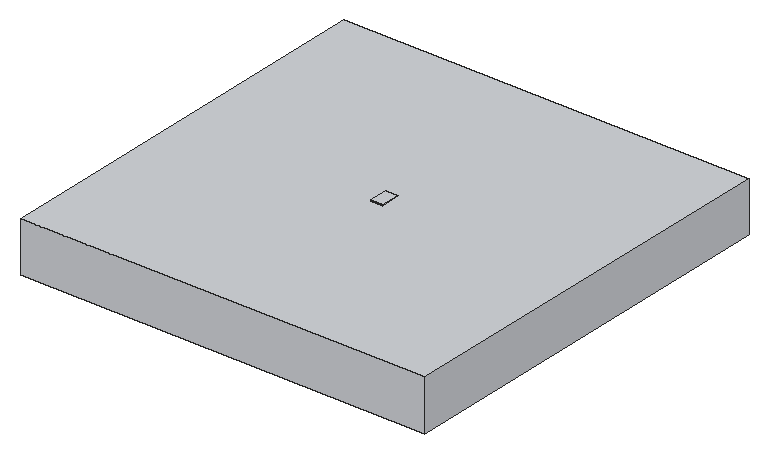
Revit family "M_Tomada de telefone - Dupla", category Dispositivos de telefonia, Revit 2019
Family settings
  Hospedeiro = Face
  Manter orientação da anotação = Sim
  Cota do conector redondo = Utilizar diâmetro
  Tipo de parte = Normal
  Número OmniClass = 23.85.50.14
  Título OmniClass = Telephone and Intercommunication Equipment
  ID de item do Seek = Telephone Outlet - Dual-0000-CAN-ENU
  Corte com vazios quando carregada = Não
  Compartilhado = Não
  Ponto de cálculo do ambiente = Não
Parameters (values of type "Padrão")
  Elevação-padrão = 460 mm
  Assembly Code = ""
Reference planes
  plane 1 "Centro (Frente/Trás)": y = 0
  plane 2: z = 0
  plane 3 "Centro (Esquerda/Direita)": x = 0
  plane 4: x = -34.925
  plane 5: x = -19.05
  plane 6: y = 57.15
  plane 7: y = 38.1
  plane 8: x = 34.925
  plane 9: x = 19.05
  plane 10: y = -57.15
  plane 11: y = -38.1
  plane 12: z = 4.762
  plane 13: z = -53.975
Forms (mm)
  Extrusion 1, solid
    sketch origin (0, 0, 0) x (1, 0, 0) y (0, 1, 0)
      loop
        line (-1219.2, 1219.2) -> (-1219.2, -1219.2) -> (1219.2, -1219.2) -> (1219.2, 1219.2) -> (-1219.2, 1219.2)
    from 0 to -304.8
  Extrusion 2, solid
    sketch origin (0, 0, 0) x (1, 0, 0) y (0, 1, 0)
      loop
        line (-19.05, 38.1) -> (-19.05, -38.1) -> (19.05, -38.1) -> (19.05, 38.1) -> (-19.05, 38.1)
    from -53.975 to 0
  Extrusion 3, solid
    sketch origin (0, 0, 0) x (1, 0, 0) y (0, 1, 0)
      loop
        line (-34.925, 57.15) -> (-34.925, -57.15) -> (34.925, -57.15) -> (34.925, 57.15) -> (-34.925, 57.15)
    from 0 to 4.762
Lines and regions (mm)
  symbolic lines, detail levels fine
    curve 1: line (-34.925, 0, 0) -> (34.925, 0, 0)
    curve 2: line (-34.925, 0, 4.762) -> (-34.925, 0, 0)
    curve 3: line (34.925, 0, 4.762) -> (-34.925, 0, 4.762)
    curve 4: line (34.925, 0, 0) -> (34.925, 0, 4.762)
    curve 5: line (-19.05, 0, -53.975) -> (19.05, 0, -53.975)
    curve 6: line (-19.05, 0, 0) -> (-19.05, 0, -53.975)
    curve 7: line (19.05, 0, -53.975) -> (19.05, 0, 0)
Dimensions and locks
  locked: plane 5 to plane 9 at 38.1
  locked: plane 4 to plane 8 at 69.85
  locked: plane 10 to plane 6 at 114.3
  locked: plane 7 to plane 11 at 76.2
  locked: Extrusion 1 to plane 13 at 53.975
  locked: plane 12 to Extrusion 1 at 4.763
  aligned and locked: plane 2 to Extrusion 1
  aligned and locked: level to Extrusion 1
  aligned and locked: plane 5 to Extrusion 2 sketch curve
  aligned and locked: Extrusion 2 sketch curve to plane 7
  aligned and locked: plane 11 to Extrusion 2 sketch curve
  aligned and locked: plane 9 to Extrusion 2 sketch curve
  aligned and locked: plane 4 to Extrusion 3 sketch curve
  aligned and locked: Extrusion 3 sketch curve to plane 6
  aligned and locked: plane 10 to Extrusion 3 sketch curve
  aligned and locked: plane 8 to Extrusion 3 sketch curve
  aligned and locked: Extrusion 2 to plane 13
  aligned and locked: plane 12 to Extrusion 3
  aligned and locked: Extrusion 1 to Extrusion 2
  aligned and locked: Extrusion 3 to Extrusion 1
  aligned and locked: Extrusion 3 to plane 12
  aligned and locked: Extrusion 2 to Extrusion 1
  aligned and locked: plane 13 to Extrusion 2
  aligned and locked: plane 4 to curve 2
  aligned and locked: plane 8 to curve 4
  aligned and locked: plane 12 to curve 3
  aligned and locked: curve 1 to plane 2
  aligned and locked: plane 5 to curve 6
  aligned and locked: plane 9 to curve 7
  aligned and locked: curve 5 to plane 13
  aligned and locked: plane 1 "Centro (Frente/Trás)" to nested 1
  aligned and locked: plane 3 "Centro (Esquerda/Direita)" to nested 1
Nested families
  nested 1: "M_Anotação de telefone dual" at (0, 0, 0), type "Anotação de telefone duplo", detail levels coarse+medium
Connectors
  electrical at (0, 38.1, -26.988)
    settings: on Extrusion 2, index 1, voltage 0 V, apparent load 0 VA, apparent load phase1 0 VA, apparent load phase2 0 VA, apparent load phase3 0 VA, power factor 1, load classification "Outros", number of poles 1, system type 9, power factor state 1, is connector primary yes, connector utility no, sub classification motor no, connector description ""
Definition of nested family "M_Anotação de telefone dual"
  Parameters
    Anotação de legenda = ""
  Reference planes
    plane 1: y = 0
    plane 2: x = 0
  Lines and regions (mm)
    reference lines
      curve 1: line (-1.389, 5.783, 0) -> (-1.389, -7.274, 0)
      curve 2: line (1.389, 7.519, 0) -> (1.389, -7.274, 0)
      curve 3: line (-6.856, 2.778, 0) -> (8.926, 2.778, 0)
      curve 4: line (-9.435, 0, 0) -> (9.615, 0, 0)
    detail lines
      curve 5: line (-1.389, 2.778, 0) -> (1.389, 2.778, 0)
      curve 6: line (-1.389, 2.778, 0) -> (0, 0, 0)
      curve 7: line (1.389, 2.778, 0) -> (0, 0, 0)
      curve 8: line (0, 2.778, 0) -> (0, 0, 0)
  Dimensions and locks
    locked: curve 1 to plane 2 at 1.389
    locked: plane 2 to curve 2 at 1.389
    locked: curve 4 to curve 3 at 2.778
    locked: curve 4 to plane 1 at 0
    aligned and locked: curve 3 to curve 5
    aligned and locked: plane 1 to curve 7
    aligned and locked: plane 2 to curve 7
    aligned and locked: plane 1 to curve 6
    aligned and locked: plane 2 to curve 6
    aligned and locked: curve 2 to curve 7
    aligned and locked: curve 3 to curve 7
    aligned and locked: curve 1 to curve 6
    aligned and locked: curve 3 to curve 6
    aligned and locked: curve 3 to curve 8
    aligned and locked: plane 1 to curve 8
    aligned and locked: curve 8 to plane 2
